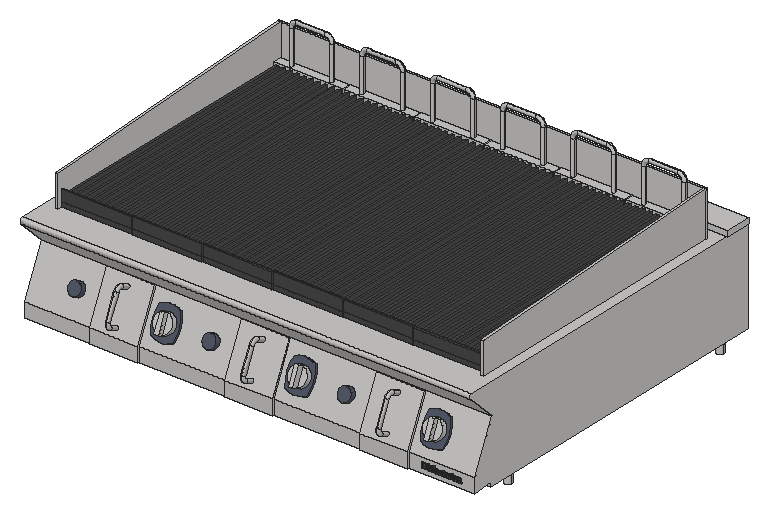
Revit family "QF_ELECTROLUXPROFESSIONAL_391066_E9GRGLGC0P", category Specialty Equipment, Revit 2018 (continued)
Automatic sketch dimensions
  Extrusion 20 sketch curve to plane 10 = 66.495 mm
  Extrusion 21 sketch curve to Extrusion 1 = 52.1 mm
  Extrusion 21 sketch curve to Extrusion 1 = 197.028 mm
  plane 14 to Extrusion 22 sketch curve = 0 mm
  plane 9 to Extrusion 22 sketch curve = 54 mm
  plane 6 "TOP" to Sweep 23 sketch curve = 37.056 mm  (x2)
  Sweep 23 sketch curve to plane 10 = 20.058 mm  (x2)
  Sweep 23 sketch curve to plane 10 = 4.818 mm
  Sweep 23 sketch curve to plane 7 "Center Y" = 227.721 mm
  Sweep 23 sketch curve to Sweep 23 sketch curve = 77.443 mm
  Sweep 23 sketch curve to profile plane = 0 mm
  profile plane to Sweep 23 sketch curve = 0 mm
  plane 6 "TOP" to Sweep 24 sketch curve = 37.056 mm  (x2)
  Sweep 24 sketch curve to plane 10 = 20.058 mm  (x2)
  Sweep 24 sketch curve to plane 10 = 4.818 mm
  Sweep 24 sketch curve to plane 7 "Center Y" = 39.638 mm
  Sweep 24 sketch curve to Sweep 24 sketch curve = 77.443 mm
  Sweep 24 sketch curve to profile plane = 0 mm
  profile plane to Sweep 24 sketch curve = 0 mm
  plane 6 "TOP" to Sweep 25 sketch curve = 37.056 mm  (x2)
  Sweep 25 sketch curve to plane 10 = 20.058 mm  (x2)
  Sweep 25 sketch curve to plane 10 = 4.818 mm
  plane 7 "Center Y" to Sweep 25 sketch curve = 147.567 mm
  plane 7 "Center Y" to Sweep 25 sketch curve = 54.884 mm
  Sweep 25 sketch curve to profile plane = 0 mm
  profile plane to Sweep 25 sketch curve = 0 mm
  plane 6 "TOP" to Sweep 26 sketch curve = 37.056 mm  (x2)
  Sweep 26 sketch curve to plane 10 = 20.058 mm  (x2)
  Sweep 26 sketch curve to plane 10 = 4.818 mm
  plane 14 to Sweep 26 sketch curve = 212.351 mm
  Sweep 26 sketch curve to Sweep 26 sketch curve = 77.443 mm
  Sweep 26 sketch curve to profile plane = 0 mm
  profile plane to Sweep 26 sketch curve = 0 mm
  plane 14 to Sweep 27 sketch curve = 23.491 mm
  plane 6 "TOP" to Sweep 27 sketch curve = 37.056 mm  (x2)
  Sweep 27 sketch curve to plane 10 = 20.058 mm  (x2)
  Sweep 27 sketch curve to plane 10 = 4.818 mm
  Sweep 27 sketch curve to Sweep 27 sketch curve = 77.443 mm
  Sweep 27 sketch curve to profile plane = 0 mm
  profile plane to Sweep 27 sketch curve = 0 mm
  Extrusion 28 sketch curve to plane 5 "FRONT" = 13.314 mm
  Extrusion 28 sketch curve to Extrusion 28 sketch curve = 3.2 mm
  Extrusion 28 sketch curve to plane 5 "FRONT" = 69.963 mm
  Extrusion 28 sketch curve to Extrusion 28 sketch curve = 2.907 mm
  Extrusion 28 sketch curve to plane 6 "TOP" = 82.216 mm
  Extrusion 28 sketch curve to Extrusion 28 sketch curve = 1.338 mm
  plane 9 to Extrusion 28 sketch curve = 6.903 mm
  plane 5 "FRONT" to Sweep 29 sketch curve = 5.352 mm
  Sweep 29 sketch curve to plane 5 "FRONT" = 0.875 mm
  Sweep 29 sketch curve to plane 5 "FRONT" = 6.185 mm
  Sweep 29 sketch curve to plane 5 "FRONT" = 21.504 mm
  Sweep 29 sketch curve to plane 5 "FRONT" = 22.196 mm
  Sweep 29 sketch curve to Sweep 29 sketch curve = 11.537 mm
  Sweep 29 sketch curve to Sweep 29 sketch curve = 5.31 mm  (x2)
  Sweep 29 sketch curve to Sweep 29 sketch curve = 20.629 mm
  Sweep 29 sketch curve to plane 6 "TOP" = 95.082 mm
  Sweep 29 sketch curve to Sweep 29 sketch curve = 6.227 mm
  Sweep 29 sketch curve to Sweep 29 sketch curve = 9.495 mm  (x2)
  Sweep 29 sketch curve to Sweep 29 sketch curve = 59.852 mm
  profile plane to Sweep 29 sketch curve = 0 mm
  Sweep 29 sketch curve to profile plane = 0 mm
  plane 13 to Extrusion 30 sketch curve = 24.379 mm
  plane 13 to Extrusion 30 sketch curve = 81.028 mm
  Extrusion 30 sketch curve to plane 5 "FRONT" = 13.314 mm
  Extrusion 30 sketch curve to plane 5 "FRONT" = 69.963 mm
  Extrusion 30 sketch curve to plane 6 "TOP" = 82.216 mm
  plane 9 to Extrusion 30 sketch curve = 45.704 mm  (x2)
  plane 9 to Extrusion 30 sketch curve = 6.903 mm
  plane 13 to Sweep 31 sketch curve = 5.713 mm
  plane 13 to Sweep 31 sketch curve = 11.94 mm
  Sweep 31 sketch curve to Sweep 31 sketch curve = 11.537 mm  (x2)
  Sweep 31 sketch curve to Sweep 31 sketch curve = 20.629 mm  (x2)
  plane 13 to Sweep 31 sketch curve = 33.261 mm
  Sweep 31 sketch curve to Sweep 31 sketch curve = 5.31 mm  (x2)
  Sweep 31 sketch curve to plane 6 "TOP" = 95.082 mm
  Sweep 31 sketch curve to Sweep 31 sketch curve = 6.227 mm
  Sweep 31 sketch curve to Sweep 31 sketch curve = 9.495 mm  (x2)
  Sweep 31 sketch curve to Sweep 31 sketch curve = 59.852 mm
  profile plane to Sweep 31 sketch curve = 0 mm
  Sweep 31 sketch curve to profile plane = 0 mm
  Extrusion 32 sketch curve to plane 7 "Center Y" = 273.167 mm
  Extrusion 32 sketch curve to Extrusion 32 sketch curve = 0 mm
  Extrusion 32 sketch curve to Extrusion 32 sketch curve = 12.3 mm  (x3)
  Extrusion 32 sketch curve to Extrusion 32 sketch curve = 34.925 mm  (x2)
  Extrusion 32 sketch curve to Extrusion 32 sketch curve = 46.691 mm
  Extrusion 32 sketch curve to Extrusion 32 sketch curve = 0.617 mm
  Extrusion 32 sketch curve to Extrusion 32 sketch curve = 28.57 mm
  Extrusion 32 sketch curve to Extrusion 32 sketch curve = 29.185 mm
  Extrusion 34 sketch curve to Extrusion 34 sketch curve = 24.732 mm
  Extrusion 34 sketch curve to Extrusion 34 sketch curve = 0 mm
  Split face 1 sketch curve to Split face 1 sketch curve = 9.684 mm
  Split face 1 sketch curve to Split face 1 sketch curve = 18.622 mm
  Split face 1 sketch curve to Split face 1 sketch curve = 2.959 mm
  Split face 1 sketch curve to Split face 1 sketch curve = 21.994 mm
  Split face 1 sketch curve to Split face 1 sketch curve = 5.035 mm
  Split face 1 sketch curve to Split face 1 sketch curve = 10.085 mm
  Split face 1 sketch curve to Split face 1 sketch curve = 5.244 mm
  Split face 2 sketch curve to Split face 2 sketch curve = 9.635 mm
  Split face 2 sketch curve to Split face 2 sketch curve = 17.821 mm
  Split face 2 sketch curve to Split face 2 sketch curve = 4.557 mm
  Split face 2 sketch curve to Split face 2 sketch curve = 14.42 mm
  Split face 2 sketch curve to Split face 2 sketch curve = 22.055 mm
  Split face 2 sketch curve to Split face 2 sketch curve = 3.318 mm
  plane 9 to Extrusion 35 sketch curve = 15.313 mm
  plane 9 to Extrusion 35 sketch curve = 20.354 mm
  Extrusion 35 sketch curve to Extrusion 35 sketch curve = 5.06 mm
  Extrusion 35 sketch curve to Extrusion 35 sketch curve = 0 mm  (x28)
  Extrusion 35 sketch curve to Extrusion 35 sketch curve = 5.108 mm  (x2)
  Extrusion 35 sketch curve to plane 14 = 0.497 mm
  Extrusion 35 sketch curve to Extrusion 35 sketch curve = 0.054 mm
  Extrusion 35 sketch curve to Extrusion 35 sketch curve = 0.218 mm
  Extrusion 35 sketch curve to Extrusion 35 sketch curve = 0.195 mm
  Extrusion 35 sketch curve to Extrusion 35 sketch curve = 0.249 mm
  Extrusion 35 sketch curve to Extrusion 35 sketch curve = 0.316 mm
  Extrusion 35 sketch curve to Extrusion 35 sketch curve = 0.087 mm
  Extrusion 35 sketch curve to Extrusion 35 sketch curve = 0.358 mm
  Extrusion 35 sketch curve to Extrusion 35 sketch curve = 0.481 mm
  Extrusion 35 sketch curve to Extrusion 35 sketch curve = 0.597 mm
  Extrusion 35 sketch curve to Extrusion 35 sketch curve = 0.544 mm
  Extrusion 35 sketch curve to Extrusion 35 sketch curve = 0.936 mm
  Extrusion 35 sketch curve to Extrusion 35 sketch curve = 0.594 mm
  Extrusion 35 sketch curve to Extrusion 35 sketch curve = 0.343 mm
  Extrusion 35 sketch curve to Extrusion 35 sketch curve = 0.159 mm
  Extrusion 35 sketch curve to Extrusion 35 sketch curve = 0.826 mm
  Extrusion 35 sketch curve to Extrusion 35 sketch curve = 0.839 mm
  Extrusion 35 sketch curve to Extrusion 35 sketch curve = 0.852 mm
  Extrusion 35 sketch curve to Extrusion 35 sketch curve = 0.887 mm
  Extrusion 35 sketch curve to Extrusion 35 sketch curve = 0.928 mm
  Extrusion 35 sketch curve to Extrusion 35 sketch curve = 0.938 mm
  Extrusion 35 sketch curve to Extrusion 35 sketch curve = 0.444 mm
  Extrusion 35 sketch curve to Extrusion 35 sketch curve = 1.11 mm  (x3)
  Extrusion 35 sketch curve to plane 14 = 7.966 mm
  Extrusion 35 sketch curve to Extrusion 35 sketch curve = 0.215 mm
  Extrusion 35 sketch curve to Extrusion 35 sketch curve = 1.43 mm
  Extrusion 35 sketch curve to Extrusion 35 sketch curve = 1.188 mm
  Extrusion 35 sketch curve to Extrusion 35 sketch curve = 1.21 mm  (x2)
  Extrusion 35 sketch curve to Extrusion 35 sketch curve = 0.503 mm
  Extrusion 35 sketch curve to plane 14 = 13.235 mm
  Extrusion 35 sketch curve to Extrusion 35 sketch curve = 0.488 mm
  Extrusion 35 sketch curve to plane 14 = 17.162 mm
  Extrusion 35 sketch curve to Extrusion 35 sketch curve = 0.462 mm
  Extrusion 35 sketch curve to Extrusion 35 sketch curve = 1.386 mm
  Extrusion 35 sketch curve to Extrusion 35 sketch curve = 1.742 mm  (x2)
  Extrusion 35 sketch curve to Extrusion 35 sketch curve = 0.821 mm
  Extrusion 35 sketch curve to Extrusion 35 sketch curve = 0.497 mm
  Extrusion 35 sketch curve to Extrusion 35 sketch curve = 0.539 mm
  Extrusion 35 sketch curve to Extrusion 35 sketch curve = 0.686 mm
  Extrusion 35 sketch curve to Extrusion 35 sketch curve = 0.408 mm
  Extrusion 35 sketch curve to Extrusion 35 sketch curve = 0.743 mm
  Extrusion 35 sketch curve to plane 14 = 1.053 mm
  Extrusion 35 sketch curve to Extrusion 35 sketch curve = 1.16 mm
  Extrusion 35 sketch curve to Extrusion 35 sketch curve = 0.329 mm
  Extrusion 35 sketch curve to Extrusion 35 sketch curve = 1.054 mm
  Extrusion 35 sketch curve to Extrusion 35 sketch curve = 1.056 mm
  Extrusion 35 sketch curve to Extrusion 35 sketch curve = 0.129 mm
  Extrusion 35 sketch curve to Extrusion 35 sketch curve = 0.489 mm
  Extrusion 35 sketch curve to Extrusion 35 sketch curve = 0.441 mm
  Extrusion 35 sketch curve to Extrusion 35 sketch curve = 1.151 mm
  Extrusion 35 sketch curve to Extrusion 35 sketch curve = 1.141 mm  (x2)
  Extrusion 35 sketch curve to Extrusion 35 sketch curve = 1.23 mm
  Extrusion 35 sketch curve to Extrusion 35 sketch curve = 1.653 mm
  plane 14 to Extrusion 35 sketch curve = 0.91 mm
  Extrusion 35 sketch curve to Extrusion 35 sketch curve = 0.499 mm
  Extrusion 35 sketch curve to Extrusion 35 sketch curve = 0.964 mm
  Extrusion 35 sketch curve to Extrusion 35 sketch curve = 0.949 mm
  Extrusion 35 sketch curve to Extrusion 35 sketch curve = 1.345 mm  (x2)
  Extrusion 35 sketch curve to Extrusion 35 sketch curve = 1.101 mm
  Extrusion 35 sketch curve to Extrusion 35 sketch curve = 0.432 mm
  Extrusion 35 sketch curve to Extrusion 35 sketch curve = 1.142 mm
  Extrusion 35 sketch curve to Extrusion 35 sketch curve = 0.959 mm
  Extrusion 35 sketch curve to Extrusion 35 sketch curve = 0.176 mm
  Extrusion 35 sketch curve to Extrusion 35 sketch curve = 0.728 mm
  Extrusion 35 sketch curve to Extrusion 35 sketch curve = 3.375 mm  (x2)
  Extrusion 35 sketch curve to Extrusion 35 sketch curve = 0.541 mm
  Extrusion 35 sketch curve to Extrusion 35 sketch curve = 0.955 mm
  Extrusion 35 sketch curve to Extrusion 35 sketch curve = 1.251 mm
  plane 14 to Extrusion 35 sketch curve = 0.491 mm
  Extrusion 35 sketch curve to Extrusion 35 sketch curve = 0.572 mm
  Extrusion 35 sketch curve to plane 14 = 11.859 mm
  Extrusion 35 sketch curve to Extrusion 35 sketch curve = 1.92 mm
  Extrusion 35 sketch curve to Extrusion 35 sketch curve = 1.224 mm
  Extrusion 35 sketch curve to Extrusion 35 sketch curve = 0.745 mm
  Extrusion 35 sketch curve to Extrusion 35 sketch curve = 2.537 mm
  Extrusion 35 sketch curve to Extrusion 35 sketch curve = 0.896 mm  (x3)
  Extrusion 35 sketch curve to Extrusion 35 sketch curve = 0.036 mm
  Extrusion 35 sketch curve to Extrusion 35 sketch curve = 2.607 mm
  Extrusion 35 sketch curve to Extrusion 35 sketch curve = 0.066 mm
  Extrusion 35 sketch curve to Extrusion 35 sketch curve = 0.248 mm
  Extrusion 35 sketch curve to Extrusion 35 sketch curve = 0.449 mm
  Extrusion 35 sketch curve to plane 14 = 11.078 mm
  Extrusion 35 sketch curve to Extrusion 35 sketch curve = 1.052 mm
  Extrusion 35 sketch curve to Extrusion 35 sketch curve = 1.863 mm
  Extrusion 35 sketch curve to Extrusion 35 sketch curve = 1.31 mm  (x2)
  Extrusion 35 sketch curve to Extrusion 35 sketch curve = 0.901 mm
  Extrusion 35 sketch curve to Extrusion 35 sketch curve = 1.107 mm
  Extrusion 35 sketch curve to Extrusion 35 sketch curve = 2.122 mm
  Extrusion 35 sketch curve to Extrusion 35 sketch curve = 2.101 mm
  Extrusion 35 sketch curve to Extrusion 35 sketch curve = 0.106 mm
  Extrusion 35 sketch curve to Extrusion 35 sketch curve = 0.029 mm
  Extrusion 35 sketch curve to Extrusion 35 sketch curve = 2.09 mm
  Extrusion 35 sketch curve to Extrusion 35 sketch curve = 1.279 mm
  Extrusion 35 sketch curve to Extrusion 35 sketch curve = 2.008 mm
  Extrusion 35 sketch curve to Extrusion 35 sketch curve = 0.738 mm
  Extrusion 35 sketch curve to Extrusion 35 sketch curve = 0.382 mm
  Extrusion 35 sketch curve to Extrusion 35 sketch curve = 0.384 mm
  Extrusion 35 sketch curve to Extrusion 35 sketch curve = 0.002 mm
  Extrusion 35 sketch curve to Extrusion 35 sketch curve = 0.561 mm
  Extrusion 35 sketch curve to Extrusion 35 sketch curve = 0.592 mm
  Extrusion 35 sketch curve to Extrusion 35 sketch curve = 2.692 mm
  Extrusion 35 sketch curve to Extrusion 35 sketch curve = 1.259 mm
  Extrusion 35 sketch curve to plane 14 = 13.098 mm
  Extrusion 35 sketch curve to Extrusion 35 sketch curve = 0.802 mm
  Extrusion 35 sketch curve to Extrusion 35 sketch curve = 1.024 mm
  Extrusion 35 sketch curve to Extrusion 35 sketch curve = 0.682 mm
  Extrusion 35 sketch curve to Extrusion 35 sketch curve = 5.934 mm
  Extrusion 35 sketch curve to Extrusion 35 sketch curve = 2.186 mm
  Extrusion 35 sketch curve to Extrusion 35 sketch curve = 0.337 mm
  Extrusion 35 sketch curve to Extrusion 35 sketch curve = 0.021 mm
  Extrusion 35 sketch curve to Extrusion 35 sketch curve = 1.005 mm
  Extrusion 35 sketch curve to Extrusion 35 sketch curve = 0.552 mm
  Extrusion 35 sketch curve to Extrusion 35 sketch curve = 0.778 mm
  Extrusion 35 sketch curve to Extrusion 35 sketch curve = 0.063 mm
  Extrusion 35 sketch curve to Extrusion 35 sketch curve = 1.023 mm
  Extrusion 35 sketch curve to Extrusion 35 sketch curve = 3.804 mm
  Extrusion 35 sketch curve to Extrusion 35 sketch curve = 0.486 mm
  Extrusion 35 sketch curve to Extrusion 35 sketch curve = 0.266 mm
  Extrusion 35 sketch curve to Extrusion 35 sketch curve = 1.547 mm
  Extrusion 35 sketch curve to Extrusion 35 sketch curve = 0.717 mm  (x2)
  Extrusion 35 sketch curve to Extrusion 35 sketch curve = 1.667 mm
  Extrusion 35 sketch curve to plane 14 = 8.772 mm
  Extrusion 35 sketch curve to Extrusion 35 sketch curve = 3.174 mm
  Extrusion 35 sketch curve to Extrusion 35 sketch curve = 0.388 mm
  Extrusion 35 sketch curve to Extrusion 35 sketch curve = 1.342 mm
  Extrusion 35 sketch curve to Extrusion 35 sketch curve = 1.521 mm
  Extrusion 35 sketch curve to Extrusion 35 sketch curve = 0.124 mm
  Extrusion 35 sketch curve to Extrusion 35 sketch curve = 0.291 mm
  Extrusion 35 sketch curve to Extrusion 35 sketch curve = 1.049 mm  (x2)
  Extrusion 35 sketch curve to plane 14 = 11.908 mm
  Extrusion 35 sketch curve to Extrusion 35 sketch curve = 1.7 mm
  Extrusion 35 sketch curve to Extrusion 35 sketch curve = 0.894 mm
  Extrusion 35 sketch curve to Extrusion 35 sketch curve = 0.989 mm
  Extrusion 35 sketch curve to Extrusion 35 sketch curve = 1.168 mm
  Extrusion 35 sketch curve to Extrusion 35 sketch curve = 1.594 mm
  Extrusion 35 sketch curve to Extrusion 35 sketch curve = 0.731 mm
  Extrusion 35 sketch curve to Extrusion 35 sketch curve = 1.566 mm
  Extrusion 35 sketch curve to Extrusion 35 sketch curve = 0.064 mm
  Extrusion 35 sketch curve to Extrusion 35 sketch curve = 0.556 mm  (x2)
  Extrusion 35 sketch curve to Extrusion 35 sketch curve = 0.48 mm
  Extrusion 35 sketch curve to Extrusion 35 sketch curve = 0.228 mm
  Extrusion 35 sketch curve to Extrusion 35 sketch curve = 1.018 mm
  Extrusion 35 sketch curve to plane 14 = 1.669 mm
  Extrusion 35 sketch curve to Extrusion 35 sketch curve = 0.787 mm
  Extrusion 35 sketch curve to Extrusion 35 sketch curve = 0.618 mm
  Extrusion 35 sketch curve to plane 14 = 6.726 mm
  Extrusion 35 sketch curve to Extrusion 35 sketch curve = 1.672 mm
  Extrusion 35 sketch curve to Extrusion 35 sketch curve = 1.361 mm
  Extrusion 35 sketch curve to Extrusion 35 sketch curve = 0.822 mm
  Extrusion 35 sketch curve to Extrusion 35 sketch curve = 0.069 mm
  Extrusion 35 sketch curve to Extrusion 35 sketch curve = 1.88 mm
  Extrusion 35 sketch curve to Extrusion 35 sketch curve = 0.42 mm
  Extrusion 35 sketch curve to Extrusion 35 sketch curve = 0.062 mm
  Extrusion 35 sketch curve to Extrusion 35 sketch curve = 1.355 mm
  Extrusion 35 sketch curve to Extrusion 35 sketch curve = 2.34 mm
  Extrusion 35 sketch curve to Extrusion 35 sketch curve = 0.493 mm
  Extrusion 35 sketch curve to Extrusion 35 sketch curve = 0.136 mm
  Extrusion 35 sketch curve to Extrusion 35 sketch curve = 0.128 mm
  Extrusion 35 sketch curve to Extrusion 35 sketch curve = 3.616 mm
  Extrusion 35 sketch curve to Extrusion 35 sketch curve = 4.207 mm
  Extrusion 35 sketch curve to Extrusion 35 sketch curve = 0.183 mm
  Extrusion 35 sketch curve to Extrusion 35 sketch curve = 0.895 mm
  Extrusion 35 sketch curve to Extrusion 35 sketch curve = 1.314 mm
  Extrusion 35 sketch curve to Extrusion 35 sketch curve = 3.231 mm
  Extrusion 35 sketch curve to Extrusion 35 sketch curve = 1.299 mm
  Extrusion 35 sketch curve to Extrusion 35 sketch curve = 1.214 mm
  plane 14 to Extrusion 35 sketch curve = 9.392 mm
  Extrusion 35 sketch curve to Extrusion 35 sketch curve = 1.264 mm
  Extrusion 35 sketch curve to Extrusion 35 sketch curve = 0.109 mm
  Extrusion 35 sketch curve to Extrusion 35 sketch curve = 0.357 mm
  Extrusion 35 sketch curve to Extrusion 35 sketch curve = 0.565 mm
  Extrusion 35 sketch curve to Extrusion 35 sketch curve = 2.504 mm
  Extrusion 35 sketch curve to Extrusion 35 sketch curve = 2.459 mm
  Extrusion 35 sketch curve to Extrusion 35 sketch curve = 4.578 mm
  Extrusion 35 sketch curve to Extrusion 35 sketch curve = 0.983 mm
  Extrusion 35 sketch curve to Extrusion 35 sketch curve = 1.559 mm
  Extrusion 35 sketch curve to Extrusion 35 sketch curve = 0.422 mm  (x2)
  Extrusion 35 sketch curve to Extrusion 35 sketch curve = 0.782 mm
  Extrusion 35 sketch curve to Extrusion 35 sketch curve = 1.268 mm
  Extrusion 35 sketch curve to Extrusion 35 sketch curve = 0.671 mm
  Extrusion 35 sketch curve to Extrusion 35 sketch curve = 1.634 mm
  Extrusion 35 sketch curve to Extrusion 35 sketch curve = 0.132 mm
  Extrusion 35 sketch curve to Extrusion 35 sketch curve = 0.586 mm
  Extrusion 35 sketch curve to Extrusion 35 sketch curve = 1.241 mm
  Extrusion 35 sketch curve to Extrusion 35 sketch curve = 1.689 mm
  plane 14 to Extrusion 35 sketch curve = 1.018 mm
  Extrusion 35 sketch curve to Extrusion 35 sketch curve = 1.019 mm
  Extrusion 35 sketch curve to Extrusion 35 sketch curve = 0.065 mm
  Extrusion 35 sketch curve to Extrusion 35 sketch curve = 1.215 mm
  Extrusion 35 sketch curve to Extrusion 35 sketch curve = 1.122 mm
  Extrusion 35 sketch curve to Extrusion 35 sketch curve = 1.153 mm
  Extrusion 35 sketch curve to Extrusion 35 sketch curve = 3.009 mm
  Extrusion 35 sketch curve to Extrusion 35 sketch curve = 0.829 mm  (x2)
  Extrusion 35 sketch curve to Extrusion 35 sketch curve = 0.934 mm
  Extrusion 35 sketch curve to Extrusion 35 sketch curve = 3.376 mm
  Extrusion 35 sketch curve to Extrusion 35 sketch curve = 0.222 mm
  Extrusion 35 sketch curve to Extrusion 35 sketch curve = 1.383 mm
  Extrusion 35 sketch curve to Extrusion 35 sketch curve = 1.556 mm
  Extrusion 35 sketch curve to Extrusion 35 sketch curve = 2.559 mm
  Extrusion 35 sketch curve to Extrusion 35 sketch curve = 2.51 mm
  Extrusion 35 sketch curve to Extrusion 35 sketch curve = 0.131 mm
  Extrusion 35 sketch curve to Extrusion 35 sketch curve = 1.717 mm
  Extrusion 35 sketch curve to Extrusion 35 sketch curve = 1.134 mm
  Extrusion 35 sketch curve to Extrusion 35 sketch curve = 0.366 mm
  Extrusion 35 sketch curve to Extrusion 35 sketch curve = 0.094 mm
  Extrusion 35 sketch curve to Extrusion 35 sketch curve = 1.584 mm
  Extrusion 35 sketch curve to Extrusion 35 sketch curve = 1.501 mm
  Extrusion 35 sketch curve to Extrusion 35 sketch curve = 0.27 mm
  Extrusion 35 sketch curve to Extrusion 35 sketch curve = 1.808 mm
  Extrusion 35 sketch curve to Extrusion 35 sketch curve = 0.643 mm
  Extrusion 35 sketch curve to Extrusion 35 sketch curve = 0.916 mm
  Extrusion 35 sketch curve to Extrusion 35 sketch curve = 0.352 mm
  Extrusion 35 sketch curve to Extrusion 35 sketch curve = 0.458 mm
  Extrusion 35 sketch curve to Extrusion 35 sketch curve = 1.282 mm
  Extrusion 35 sketch curve to Extrusion 35 sketch curve = 1.363 mm
  Extrusion 35 sketch curve to Extrusion 35 sketch curve = 0.685 mm
  Extrusion 35 sketch curve to Extrusion 35 sketch curve = 0.905 mm
  Extrusion 35 sketch curve to Extrusion 35 sketch curve = 2.865 mm
  Extrusion 35 sketch curve to Extrusion 35 sketch curve = 0.472 mm
  Extrusion 35 sketch curve to Extrusion 35 sketch curve = 0.101 mm
  Extrusion 35 sketch curve to Extrusion 35 sketch curve = 0.54 mm
  Extrusion 35 sketch curve to Extrusion 35 sketch curve = 0.02 mm
  Extrusion 35 sketch curve to Extrusion 35 sketch curve = 0.468 mm
  Extrusion 35 sketch curve to Extrusion 35 sketch curve = 0.582 mm
  Extrusion 35 sketch curve to Extrusion 35 sketch curve = 0.166 mm
  Extrusion 35 sketch curve to Extrusion 35 sketch curve = 0.16 mm
  Extrusion 35 sketch curve to Extrusion 35 sketch curve = 2.781 mm
  Extrusion 35 sketch curve to Extrusion 35 sketch curve = 1.118 mm
  Extrusion 35 sketch curve to Extrusion 35 sketch curve = 0.613 mm
  Extrusion 35 sketch curve to Extrusion 35 sketch curve = 0.781 mm
  Extrusion 35 sketch curve to Extrusion 35 sketch curve = 0.361 mm
  Extrusion 35 sketch curve to Extrusion 35 sketch curve = 0.897 mm
  Extrusion 35 sketch curve to Extrusion 35 sketch curve = 0.167 mm
  Extrusion 35 sketch curve to Extrusion 35 sketch curve = 0.292 mm
  Extrusion 35 sketch curve to Extrusion 35 sketch curve = 0.305 mm
  Extrusion 35 sketch curve to Extrusion 35 sketch curve = 1.557 mm
  Extrusion 35 sketch curve to Extrusion 35 sketch curve = 2.499 mm
  Extrusion 35 sketch curve to Extrusion 35 sketch curve = 3.062 mm
  Extrusion 35 sketch curve to Extrusion 35 sketch curve = 2.968 mm
  Extrusion 35 sketch curve to Extrusion 35 sketch curve = 5.044 mm
  Extrusion 35 sketch curve to Extrusion 35 sketch curve = 0.629 mm  (x2)
  Extrusion 35 sketch curve to Extrusion 35 sketch curve = 1.131 mm
  Extrusion 35 sketch curve to Extrusion 35 sketch curve = 0.137 mm
  Extrusion 35 sketch curve to Extrusion 35 sketch curve = 0.027 mm
  Extrusion 35 sketch curve to Extrusion 35 sketch curve = 2.046 mm
  Extrusion 35 sketch curve to Extrusion 35 sketch curve = 2.235 mm
  plane 7 "Center Y" to Extrusion 36 sketch curve = 86.183 mm
  Extrusion 36 sketch curve to Extrusion 36 sketch curve = 0 mm
  Extrusion 36 sketch curve to Extrusion 36 sketch curve = 12.3 mm  (x3)
  Extrusion 36 sketch curve to Extrusion 36 sketch curve = 34.925 mm  (x2)
  Extrusion 36 sketch curve to Extrusion 36 sketch curve = 46.691 mm
  Extrusion 36 sketch curve to Extrusion 36 sketch curve = 0.617 mm
  Extrusion 36 sketch curve to Extrusion 36 sketch curve = 28.57 mm
  Extrusion 36 sketch curve to Extrusion 36 sketch curve = 29.185 mm
  Extrusion 38 sketch curve to Extrusion 38 sketch curve = 24.732 mm
  Extrusion 38 sketch curve to Extrusion 38 sketch curve = 0 mm
  Split face 3 sketch curve to Split face 3 sketch curve = 9.684 mm
  Split face 3 sketch curve to Split face 3 sketch curve = 18.622 mm
  Split face 3 sketch curve to Split face 3 sketch curve = 2.959 mm
  Split face 3 sketch curve to Split face 3 sketch curve = 21.994 mm
  Split face 3 sketch curve to Split face 3 sketch curve = 5.035 mm
  Split face 3 sketch curve to Split face 3 sketch curve = 10.085 mm
  Split face 3 sketch curve to Split face 3 sketch curve = 5.244 mm
  Split face 4 sketch curve to Split face 4 sketch curve = 9.635 mm
  Split face 4 sketch curve to Split face 4 sketch curve = 17.821 mm
  Split face 4 sketch curve to Split face 4 sketch curve = 4.557 mm
  Split face 4 sketch curve to Split face 4 sketch curve = 14.42 mm
  Split face 4 sketch curve to Split face 4 sketch curve = 22.055 mm
  Split face 4 sketch curve to Split face 4 sketch curve = 3.318 mm
  plane 14 to Extrusion 39 sketch curve = 100.467 mm
  plane 14 to Extrusion 39 sketch curve = 42.092 mm
  Extrusion 39 sketch curve to Extrusion 39 sketch curve = 0 mm
  Extrusion 39 sketch curve to Extrusion 39 sketch curve = 12.3 mm  (x3)
  plane 14 to Extrusion 39 sketch curve = 16.978 mm
  Extrusion 39 sketch curve to Extrusion 39 sketch curve = 34.925 mm  (x2)
  Extrusion 39 sketch curve to Extrusion 39 sketch curve = 46.691 mm
  Extrusion 39 sketch curve to Extrusion 39 sketch curve = 28.575 mm
  Extrusion 41 sketch curve to Extrusion 41 sketch curve = 24.732 mm
  Extrusion 41 sketch curve to Extrusion 41 sketch curve = 0 mm
  Split face 5 sketch curve to Split face 5 sketch curve = 9.684 mm
  Split face 5 sketch curve to Split face 5 sketch curve = 18.622 mm
  Split face 5 sketch curve to Split face 5 sketch curve = 2.959 mm
  Split face 5 sketch curve to Split face 5 sketch curve = 21.994 mm
  Split face 5 sketch curve to Split face 5 sketch curve = 5.035 mm
  Split face 5 sketch curve to Split face 5 sketch curve = 10.085 mm
  Split face 5 sketch curve to Split face 5 sketch curve = 5.244 mm
  Split face 6 sketch curve to Split face 6 sketch curve = 9.635 mm
  Split face 6 sketch curve to Split face 6 sketch curve = 17.821 mm
  Split face 6 sketch curve to Split face 6 sketch curve = 4.557 mm
  Split face 6 sketch curve to Split face 6 sketch curve = 14.42 mm
  Split face 6 sketch curve to Split face 6 sketch curve = 22.055 mm
  Split face 6 sketch curve to Split face 6 sketch curve = 3.318 mm
  radius of Extrusion 2 sketch curve = 9.525 mm  (x4)
  radius of Sweep 5 sketch curve = 4.572 mm
  radius of Extrusion 6 sketch curve = 17.8 mm  (x3)
  radius of Sweep 8 sketch curve = 4.572 mm
  radius of Sweep 11 sketch curve = 4.572 mm
  radius of Sweep 12 sketch curve = 4.572 mm
  radius of Sweep 16 sketch curve = 4.572 mm
  radius of Extrusion 21 sketch curve = 9.525 mm
  radius of Extrusion 22 sketch curve = 9.525 mm
  radius of Sweep 23 sketch curve = 4.572 mm
  radius of Sweep 24 sketch curve = 4.572 mm
  radius of Sweep 25 sketch curve = 4.572 mm
  radius of Sweep 26 sketch curve = 4.572 mm
  radius of Sweep 27 sketch curve = 4.572 mm
  radius of Sweep 29 sketch curve = 4.572 mm
  radius of Sweep 31 sketch curve = 4.572 mm
  radius of Extrusion 33 sketch curve = 25.4 mm
  radius of Extrusion 34 sketch curve to Extrusion 33 = 0 mm  (x2)
  radius of Extrusion 37 sketch curve = 25.4 mm
  radius of Extrusion 38 sketch curve to Extrusion 37 = 0 mm  (x2)
  radius of Extrusion 40 sketch curve = 25.4 mm
  radius of Extrusion 41 sketch curve to Extrusion 40 = 0 mm  (x2)
Nested families
  nested 1: "391066_QF_Electrolux_GRILL" at (39.571, -130.285, 287.7), type "391066_QF_Electrolux_GRILL"
    with Type Mark "", Specification by User "", Revision Code "", Item Number "", Installed By "", Identify Quantity as Lot yes, Furnished By "", Foodservice Equipment Identifier yes
  nested 2: "391066_QF_Electrolux_GRILL" at (206.639, -130.285, 287.7), type "391066_QF_Electrolux_GRILL"
    with Type Mark "", Specification by User "", Revision Code "", Item Number "", Installed By "", Identify Quantity as Lot yes, Furnished By "", Foodservice Equipment Identifier yes
  nested 3: "391066_QF_Electrolux_GRILL" at (58.134, -130.285, 287.7), type "391066_QF_Electrolux_GRILL"
    with Type Mark "", Specification by User "", Revision Code "", Item Number "", Installed By "", Identify Quantity as Lot yes, Furnished By "", Foodservice Equipment Identifier yes
  nested 4: "391066_QF_Electrolux_GRILL" at (76.697, -130.285, 287.7), type "391066_QF_Electrolux_GRILL"
    with Type Mark "", Specification by User "", Revision Code "", Item Number "", Installed By "", Identify Quantity as Lot yes, Furnished By "", Foodservice Equipment Identifier yes
  nested 5: "391066_QF_Electrolux_GRILL" at (95.26, -130.285, 287.7), type "391066_QF_Electrolux_GRILL"
    with Type Mark "", Specification by User "", Revision Code "", Item Number "", Installed By "", Identify Quantity as Lot yes, Furnished By "", Foodservice Equipment Identifier yes
  nested 6: "391066_QF_Electrolux_GRILL" at (113.823, -130.285, 287.7), type "391066_QF_Electrolux_GRILL"
    with Type Mark "", Specification by User "", Revision Code "", Item Number "", Installed By "", Identify Quantity as Lot yes, Furnished By "", Foodservice Equipment Identifier yes
  nested 7: "391066_QF_Electrolux_GRILL" at (132.387, -130.285, 287.7), type "391066_QF_Electrolux_GRILL"
    with Type Mark "", Specification by User "", Revision Code "", Item Number "", Installed By "", Identify Quantity as Lot yes, Furnished By "", Foodservice Equipment Identifier yes
  nested 8: "391066_QF_Electrolux_GRILL" at (150.95, -130.285, 287.7), type "391066_QF_Electrolux_GRILL"
    with Type Mark "", Specification by User "", Revision Code "", Item Number "", Installed By "", Identify Quantity as Lot yes, Furnished By "", Foodservice Equipment Identifier yes
  nested 9: "391066_QF_Electrolux_GRILL" at (169.513, -130.285, 287.7), type "391066_QF_Electrolux_GRILL"
    with Type Mark "", Specification by User "", Revision Code "", Item Number "", Installed By "", Identify Quantity as Lot yes, Furnished By "", Foodservice Equipment Identifier yes
  nested 10: "391066_QF_Electrolux_GRILL" at (188.076, -130.285, 287.7), type "391066_QF_Electrolux_GRILL"
    with Type Mark "", Specification by User "", Revision Code "", Item Number "", Installed By "", Identify Quantity as Lot yes, Furnished By "", Foodservice Equipment Identifier yes
  nested 11: "391066_QF_Electrolux_GRILL" at (228.431, -130.285, 287.7), type "391066_QF_Electrolux_GRILL"
    with Type Mark "", Specification by User "", Revision Code "", Item Number "", Installed By "", Identify Quantity as Lot yes, Furnished By "", Foodservice Equipment Identifier yes
  nested 12: "391066_QF_Electrolux_GRILL" at (395.499, -130.285, 287.7), type "391066_QF_Electrolux_GRILL"
    with Type Mark "", Specification by User "", Revision Code "", Item Number "", Installed By "", Identify Quantity as Lot yes, Furnished By "", Foodservice Equipment Identifier yes
  nested 13: "391066_QF_Electrolux_GRILL" at (246.994, -130.285, 287.7), type "391066_QF_Electrolux_GRILL"
    with Type Mark "", Specification by User "", Revision Code "", Item Number "", Installed By "", Identify Quantity as Lot yes, Furnished By "", Foodservice Equipment Identifier yes
  nested 14: "391066_QF_Electrolux_GRILL" at (265.557, -130.285, 287.7), type "391066_QF_Electrolux_GRILL"
    with Type Mark "", Specification by User "", Revision Code "", Item Number "", Installed By "", Identify Quantity as Lot yes, Furnished By "", Foodservice Equipment Identifier yes
  nested 15: "391066_QF_Electrolux_GRILL" at (284.12, -130.285, 287.7), type "391066_QF_Electrolux_GRILL"
    with Type Mark "", Specification by User "", Revision Code "", Item Number "", Installed By "", Identify Quantity as Lot yes, Furnished By "", Foodservice Equipment Identifier yes
  nested 16: "391066_QF_Electrolux_GRILL" at (302.683, -130.285, 287.7), type "391066_QF_Electrolux_GRILL"
    with Type Mark "", Specification by User "", Revision Code "", Item Number "", Installed By "", Identify Quantity as Lot yes, Furnished By "", Foodservice Equipment Identifier yes
  nested 17: "391066_QF_Electrolux_GRILL" at (321.247, -130.285, 287.7), type "391066_QF_Electrolux_GRILL"
    with Type Mark "", Specification by User "", Revision Code "", Item Number "", Installed By "", Identify Quantity as Lot yes, Furnished By "", Foodservice Equipment Identifier yes
  nested 18: "391066_QF_Electrolux_GRILL" at (339.81, -130.285, 287.7), type "391066_QF_Electrolux_GRILL"
    with Type Mark "", Specification by User "", Revision Code "", Item Number "", Installed By "", Identify Quantity as Lot yes, Furnished By "", Foodservice Equipment Identifier yes
  nested 19: "391066_QF_Electrolux_GRILL" at (358.373, -130.285, 287.7), type "391066_QF_Electrolux_GRILL"
    with Type Mark "", Specification by User "", Revision Code "", Item Number "", Installed By "", Identify Quantity as Lot yes, Furnished By "", Foodservice Equipment Identifier yes
  nested 20: "391066_QF_Electrolux_GRILL" at (376.936, -130.285, 287.7), type "391066_QF_Electrolux_GRILL"
    with Type Mark "", Specification by User "", Revision Code "", Item Number "", Installed By "", Identify Quantity as Lot yes, Furnished By "", Foodservice Equipment Identifier yes
  nested 21: "391066_QF_Electrolux_GRILL" at (416.513, -130.285, 287.7), type "391066_QF_Electrolux_GRILL"
    with Type Mark "", Specification by User "", Revision Code "", Item Number "", Installed By "", Identify Quantity as Lot yes, Furnished By "", Foodservice Equipment Identifier yes
  nested 22: "391066_QF_Electrolux_GRILL" at (583.582, -130.285, 287.7), type "391066_QF_Electrolux_GRILL"
    with Type Mark "", Specification by User "", Revision Code "", Item Number "", Installed By "", Identify Quantity as Lot yes, Furnished By "", Foodservice Equipment Identifier yes
  nested 23: "391066_QF_Electrolux_GRILL" at (435.076, -130.285, 287.7), type "391066_QF_Electrolux_GRILL"
    with Type Mark "", Specification by User "", Revision Code "", Item Number "", Installed By "", Identify Quantity as Lot yes, Furnished By "", Foodservice Equipment Identifier yes
  nested 24: "391066_QF_Electrolux_GRILL" at (453.639, -130.285, 287.7), type "391066_QF_Electrolux_GRILL"
    with Type Mark "", Specification by User "", Revision Code "", Item Number "", Installed By "", Identify Quantity as Lot yes, Furnished By "", Foodservice Equipment Identifier yes
  nested 25: "391066_QF_Electrolux_GRILL" at (472.203, -130.285, 287.7), type "391066_QF_Electrolux_GRILL"
    with Type Mark "", Specification by User "", Revision Code "", Item Number "", Installed By "", Identify Quantity as Lot yes, Furnished By "", Foodservice Equipment Identifier yes
  nested 26: "391066_QF_Electrolux_GRILL" at (490.766, -130.285, 287.7), type "391066_QF_Electrolux_GRILL"
    with Type Mark "", Specification by User "", Revision Code "", Item Number "", Installed By "", Identify Quantity as Lot yes, Furnished By "", Foodservice Equipment Identifier yes
  nested 27: "391066_QF_Electrolux_GRILL" at (509.329, -130.285, 287.7), type "391066_QF_Electrolux_GRILL"
    with Type Mark "", Specification by User "", Revision Code "", Item Number "", Installed By "", Identify Quantity as Lot yes, Furnished By "", Foodservice Equipment Identifier yes
  nested 28: "391066_QF_Electrolux_GRILL" at (527.892, -130.285, 287.7), type "391066_QF_Electrolux_GRILL"
    with Type Mark "", Specification by User "", Revision Code "", Item Number "", Installed By "", Identify Quantity as Lot yes, Furnished By "", Foodservice Equipment Identifier yes
  nested 29: "391066_QF_Electrolux_GRILL" at (546.456, -130.285, 287.7), type "391066_QF_Electrolux_GRILL"
    with Type Mark "", Specification by User "", Revision Code "", Item Number "", Installed By "", Identify Quantity as Lot yes, Furnished By "", Foodservice Equipment Identifier yes
  nested 30: "391066_QF_Electrolux_GRILL" at (565.019, -130.285, 287.7), type "391066_QF_Electrolux_GRILL"
    with Type Mark "", Specification by User "", Revision Code "", Item Number "", Installed By "", Identify Quantity as Lot yes, Furnished By "", Foodservice Equipment Identifier yes
  nested 31: "391066_QF_Electrolux_GRILL" at (603.718, -130.285, 287.7), type "391066_QF_Electrolux_GRILL"
    with Type Mark "", Specification by User "", Revision Code "", Item Number "", Installed By "", Identify Quantity as Lot yes, Furnished By "", Foodservice Equipment Identifier yes
  nested 32: "391066_QF_Electrolux_GRILL" at (770.787, -130.285, 287.7), type "391066_QF_Electrolux_GRILL"
    with Type Mark "", Specification by User "", Revision Code "", Item Number "", Installed By "", Identify Quantity as Lot yes, Furnished By "", Foodservice Equipment Identifier yes
  nested 33: "391066_QF_Electrolux_GRILL" at (622.281, -130.285, 287.7), type "391066_QF_Electrolux_GRILL"
    with Type Mark "", Specification by User "", Revision Code "", Item Number "", Installed By "", Identify Quantity as Lot yes, Furnished By "", Foodservice Equipment Identifier yes
  nested 34: "391066_QF_Electrolux_GRILL" at (640.844, -130.285, 287.7), type "391066_QF_Electrolux_GRILL"
    with Type Mark "", Specification by User "", Revision Code "", Item Number "", Installed By "", Identify Quantity as Lot yes, Furnished By "", Foodservice Equipment Identifier yes
  nested 35: "391066_QF_Electrolux_GRILL" at (659.408, -130.285, 287.7), type "391066_QF_Electrolux_GRILL"
    with Type Mark "", Specification by User "", Revision Code "", Item Number "", Installed By "", Identify Quantity as Lot yes, Furnished By "", Foodservice Equipment Identifier yes
  nested 36: "391066_QF_Electrolux_GRILL" at (677.971, -130.285, 287.7), type "391066_QF_Electrolux_GRILL"
    with Type Mark "", Specification by User "", Revision Code "", Item Number "", Installed By "", Identify Quantity as Lot yes, Furnished By "", Foodservice Equipment Identifier yes
  nested 37: "391066_QF_Electrolux_GRILL" at (696.534, -130.285, 287.7), type "391066_QF_Electrolux_GRILL"
    with Type Mark "", Specification by User "", Revision Code "", Item Number "", Installed By "", Identify Quantity as Lot yes, Furnished By "", Foodservice Equipment Identifier yes
  nested 38: "391066_QF_Electrolux_GRILL" at (715.097, -130.285, 287.7), type "391066_QF_Electrolux_GRILL"
    with Type Mark "", Specification by User "", Revision Code "", Item Number "", Installed By "", Identify Quantity as Lot yes, Furnished By "", Foodservice Equipment Identifier yes
  nested 39: "391066_QF_Electrolux_GRILL" at (733.661, -130.285, 287.7), type "391066_QF_Electrolux_GRILL"
    with Type Mark "", Specification by User "", Revision Code "", Item Number "", Installed By "", Identify Quantity as Lot yes, Furnished By "", Foodservice Equipment Identifier yes
  nested 40: "391066_QF_Electrolux_GRILL" at (752.224, -130.285, 287.7), type "391066_QF_Electrolux_GRILL"
    with Type Mark "", Specification by User "", Revision Code "", Item Number "", Installed By "", Identify Quantity as Lot yes, Furnished By "", Foodservice Equipment Identifier yes
  nested 41: "391066_QF_Electrolux_GRILL" at (791.801, -130.285, 287.7), type "391066_QF_Electrolux_GRILL"
    with Type Mark "", Specification by User "", Revision Code "", Item Number "", Installed By "", Identify Quantity as Lot yes, Furnished By "", Foodservice Equipment Identifier yes
  nested 42: "391066_QF_Electrolux_GRILL" at (958.869, -130.285, 287.7), type "391066_QF_Electrolux_GRILL"
    with Type Mark "", Specification by User "", Revision Code "", Item Number "", Installed By "", Identify Quantity as Lot yes, Furnished By "", Foodservice Equipment Identifier yes
  nested 43: "391066_QF_Electrolux_GRILL" at (810.364, -130.285, 287.7), type "391066_QF_Electrolux_GRILL"
    with Type Mark "", Specification by User "", Revision Code "", Item Number "", Installed By "", Identify Quantity as Lot yes, Furnished By "", Foodservice Equipment Identifier yes
  nested 44: "391066_QF_Electrolux_GRILL" at (828.927, -130.285, 287.7), type "391066_QF_Electrolux_GRILL"
    with Type Mark "", Specification by User "", Revision Code "", Item Number "", Installed By "", Identify Quantity as Lot yes, Furnished By "", Foodservice Equipment Identifier yes
  nested 45: "391066_QF_Electrolux_GRILL" at (847.49, -130.285, 287.7), type "391066_QF_Electrolux_GRILL"
    with Type Mark "", Specification by User "", Revision Code "", Item Number "", Installed By "", Identify Quantity as Lot yes, Furnished By "", Foodservice Equipment Identifier yes
  nested 46: "391066_QF_Electrolux_GRILL" at (866.053, -130.285, 287.7), type "391066_QF_Electrolux_GRILL"
    with Type Mark "", Specification by User "", Revision Code "", Item Number "", Installed By "", Identify Quantity as Lot yes, Furnished By "", Foodservice Equipment Identifier yes
  nested 47: "391066_QF_Electrolux_GRILL" at (884.617, -130.285, 287.7), type "391066_QF_Electrolux_GRILL"
    with Type Mark "", Specification by User "", Revision Code "", Item Number "", Installed By "", Identify Quantity as Lot yes, Furnished By "", Foodservice Equipment Identifier yes
  nested 48: "391066_QF_Electrolux_GRILL" at (903.18, -130.285, 287.7), type "391066_QF_Electrolux_GRILL"
    with Type Mark "", Specification by User "", Revision Code "", Item Number "", Installed By "", Identify Quantity as Lot yes, Furnished By "", Foodservice Equipment Identifier yes
  nested 49: "391066_QF_Electrolux_GRILL" at (921.743, -130.285, 287.7), type "391066_QF_Electrolux_GRILL"
    with Type Mark "", Specification by User "", Revision Code "", Item Number "", Installed By "", Identify Quantity as Lot yes, Furnished By "", Foodservice Equipment Identifier yes
  nested 50: "391066_QF_Electrolux_GRILL" at (940.306, -130.285, 287.7), type "391066_QF_Electrolux_GRILL"
    with Type Mark "", Specification by User "", Revision Code "", Item Number "", Installed By "", Identify Quantity as Lot yes, Furnished By "", Foodservice Equipment Identifier yes
  nested 51: "391066_QF_Electrolux_GRILL" at (980.661, -130.285, 287.7), type "391066_QF_Electrolux_GRILL"
    with Type Mark "", Specification by User "", Revision Code "", Item Number "", Installed By "", Identify Quantity as Lot yes, Furnished By "", Foodservice Equipment Identifier yes
  nested 52: "391066_QF_Electrolux_GRILL" at (1147.729, -130.285, 287.7), type "391066_QF_Electrolux_GRILL"
    with Type Mark "", Specification by User "", Revision Code "", Item Number "", Installed By "", Identify Quantity as Lot yes, Furnished By "", Foodservice Equipment Identifier yes
  nested 53: "391066_QF_Electrolux_GRILL" at (999.224, -130.285, 287.7), type "391066_QF_Electrolux_GRILL"
    with Type Mark "", Specification by User "", Revision Code "", Item Number "", Installed By "", Identify Quantity as Lot yes, Furnished By "", Foodservice Equipment Identifier yes
  nested 54: "391066_QF_Electrolux_GRILL" at (1017.787, -130.285, 287.7), type "391066_QF_Electrolux_GRILL"
    with Type Mark "", Specification by User "", Revision Code "", Item Number "", Installed By "", Identify Quantity as Lot yes, Furnished By "", Foodservice Equipment Identifier yes
  nested 55: "391066_QF_Electrolux_GRILL" at (1036.35, -130.285, 287.7), type "391066_QF_Electrolux_GRILL"
    with Type Mark "", Specification by User "", Revision Code "", Item Number "", Installed By "", Identify Quantity as Lot yes, Furnished By "", Foodservice Equipment Identifier yes
  nested 56: "391066_QF_Electrolux_GRILL" at (1054.913, -130.285, 287.7), type "391066_QF_Electrolux_GRILL"
    with Type Mark "", Specification by User "", Revision Code "", Item Number "", Installed By "", Identify Quantity as Lot yes, Furnished By "", Foodservice Equipment Identifier yes
  nested 57: "391066_QF_Electrolux_GRILL" at (1073.477, -130.285, 287.7), type "391066_QF_Electrolux_GRILL"
    with Type Mark "", Specification by User "", Revision Code "", Item Number "", Installed By "", Identify Quantity as Lot yes, Furnished By "", Foodservice Equipment Identifier yes
  nested 58: "391066_QF_Electrolux_GRILL" at (1092.04, -130.285, 287.7), type "391066_QF_Electrolux_GRILL"
    with Type Mark "", Specification by User "", Revision Code "", Item Number "", Installed By "", Identify Quantity as Lot yes, Furnished By "", Foodservice Equipment Identifier yes
  nested 59: "391066_QF_Electrolux_GRILL" at (1110.603, -130.285, 287.7), type "391066_QF_Electrolux_GRILL"
    with Type Mark "", Specification by User "", Revision Code "", Item Number "", Installed By "", Identify Quantity as Lot yes, Furnished By "", Foodservice Equipment Identifier yes
  nested 60: "391066_QF_Electrolux_GRILL" at (1129.166, -130.285, 287.7), type "391066_QF_Electrolux_GRILL"
    with Type Mark "", Specification by User "", Revision Code "", Item Number "", Installed By "", Identify Quantity as Lot yes, Furnished By "", Foodservice Equipment Identifier yes
Connectors
  piping at (1147.9, -663, 15), diameter 19
    settings: on Extrusion 21, index 1, connector inside diameter 0.74803", connector length 0 mm, flow factor 0, pipe flow 0 GPM, pressure drop 0.00 psi, fitting loss kfactor 0, connector angle 0.00°, fixture units 0, engagement length 0 mm, angle of deflection 0.00°, flow configuration 1, flow direction 1, fitting loss method 0, system type 7, joint type 0, gender type 0, connector reference index -1, connector utility 0, adjustable connector no, is connector primary yes, connector description "GAS CONNECTION"
  piping at (1148, -50, 78), diameter 19
    settings: on Extrusion 22, index 2, connector inside diameter 0.74803", connector length 0 mm, flow factor 0, pipe flow 0 GPM, pressure drop 0.00 psi, fitting loss kfactor 0, connector angle 0.00°, fixture units 0, engagement length 0 mm, angle of deflection 0.00°, flow configuration 1, flow direction 1, fitting loss method 0, system type 7, joint type 0, gender type 0, connector reference index -1, connector utility 0, adjustable connector no, is connector primary no, connector description "GAS CONNECTION"
Definition of nested family "391066_QF_Electrolux_GRILL"
  Parameters
    Weight in Pounds = 0
    URL Cutsheet = ""
    URL = ""
    Type Mark [instance] = ""
    Specification by User [instance] = ""
    Specification by Manufacturer = ""
    Serial Number = ""
    Seismic Rating = ""
    SMACNA No = ""
    Revision Code [instance] = ""
    Omniclass Number and Title = ""
    NAFEM Spec ID Number = ""
    Model = ""
    Masterspec = ""
    Manufacturer = ""
    Item Number [instance] = ""
    Installed By [instance] = ""
    Identify Quantity as Lot [instance] = yes
    Furnished By [instance] = ""
    Foodservice Equipment Identifier [instance] = yes
    Description = ""
    CSI MasterFormat = ""
    CSI Master Format = ""
    Assembly Code = ""
  Reference planes
    plane 1 "BACK": y = 0
    plane 2: z = 0
    plane 3 "LEFT": x = 0
    plane 4 "RIGHT": x = 12.7
    plane 5 "FRONT": y = -701.7
    plane 6 "TOP": z = 19.576
    plane 7 "Center Y": x = 6.35
    plane 8 "Center X": y = -350.85
    plane 9: y = -147.637
  Forms (mm)
    Extrusion 1, solid
      sketch origin (-1.421, -501.68, -12.7) x (1, 0, 0) y (0, 0, 1)
        loop
          line (1.421, 12.7) -> (14.121, 12.7) -> (11.081, 32.276) -> (4.46, 32.276) -> (1.421, 12.7)
      from 200.02 to -501.68
  Lines and regions (mm)
    symbolic lines
      curve 1: line (0, 0, 0) -> (12.7, 0, 0)
      curve 2: line (0, -701.7, 0) -> (0, 0, 0)
      curve 3: line (12.7, -701.7, 0) -> (0, -701.7, 0)
      curve 4: line (12.7, 0, 0) -> (12.7, -701.7, 0)
  Dimensions and locks
    equal spacing: plane 3 "LEFT", plane 7 "Center Y", plane 4 "RIGHT"
    plane 3 "LEFT" to plane 4 "RIGHT" = 12.7 mm
    equal spacing: plane 5 "FRONT", plane 8 "Center X", plane 1 "BACK"
    plane 5 "FRONT" to plane 1 "BACK" = 701.7 mm
    plane 6 "TOP" to level = 19.576 mm
    plane 1 "BACK" to plane 5 "FRONT" = 701.7 mm
    aligned and locked: level to plane 2
  Automatic sketch dimensions
    Extrusion 1 sketch curve to level = 0 mm
    Extrusion 1 sketch curve to plane 3 "LEFT" = 0 mm
    Extrusion 1 sketch curve to plane 6 "TOP" = 0 mm
    Extrusion 1 sketch curve to plane 4 "RIGHT" = 0 mm
    plane 3 "LEFT" to Extrusion 1 sketch curve = 3.039 mm
    Extrusion 1 sketch curve to plane 4 "RIGHT" = 3.039 mm
    curve 3 to plane 3 "LEFT" = 0 mm
    curve 3 to plane 4 "RIGHT" = 0 mm
    plane 5 "FRONT" to curve 3 = 0 mm
    plane 1 "BACK" to curve 2 = 0 mm
